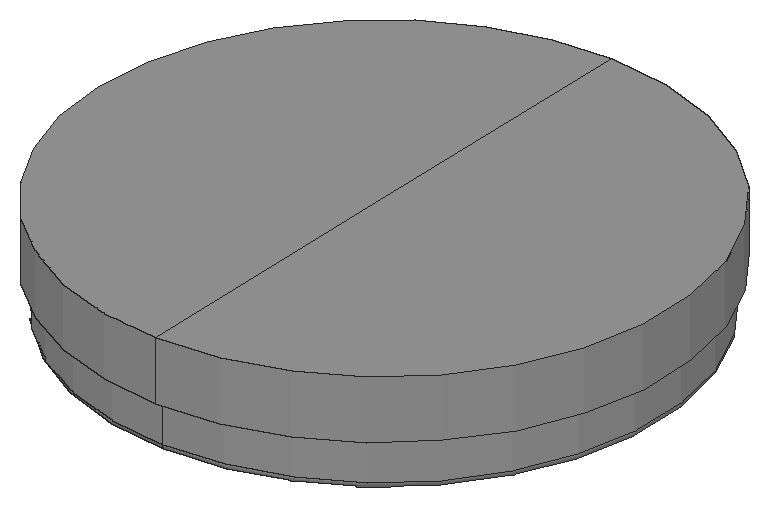
Revit family "IVLB_PML_LF_Dura 340mm CM_Plastic", category Lighting Fixtures, Revit 2019 (continued)
Types (4, lengths in mm): name | Wattage | Type Comments | built-in parameter 1150134 | Photometric Web File | built-in parameter 1150142 | built-in parameter 1150105 | Lumens | built-in parameter 1150107 | built-in parameter 1150106
  Dura-M Ø340 IP64 IK10 18W 2200K-2700K 2-CCT DALI | 11.7812 W | "DALI" | (empty or 0) | "Dura-M Ø340 IP64 IK10 18W 2200K-2700K 2-CCT DALI.ies" | "IESNA91\r\n[MANUFAC]  Pragmalux\r\n[LUMINAIRE] LED Plafonnière Wandarmatuur Dura-M Ø340 IP64 IK10 18W 2200K-2700K 2-CCT DALI\r\n[LAMP] 1x(LED 18W 1750lm 2200K) or 1x(LED 18W 2075lm 2700K)\r\n[_CHANGED] file converted from LDT by IES Viewer 3.6 (C) Andrey Legotin\r\nTILT=NONE\r\n1 1750 1.75 181 5 1 2 0 -0.34 0\r\n1 1 18\r\n0 1 2 3 4 5 6 7 8 9 10 11 12 13 14 15 16 17 18 19 20 21 22 23 24 25 26 27 28 \r\n29 30 31 32 33 34 35 36 37 38 39 40 41 42 43 44 45 46 47 48 49 50 51 52 53 54 \r\n55 56 57 58 59 60 61 62 63 64 65 66 67 68 69 70 71 72 73 74 75 76 77 78 79 80 \r\n81 82 83 84 85 86 87 88 89 90 91 92 93 94 95 96 97 98 99 100 101 102 103 104 \r\n105 106 107 108 109 110 111 112 113 114 115 116 117 118 119 120 121 122 123 \r\n124 125 126 127 128 129 130 131 132 133 134 135 136 137 138 139 140 141 142 \r\n143 144 145 146 147 148 149 150 151 152 153 154 155 156 157 158 159 160 161 \r\n162 163 164 165 166 167 168 169 170 171 172 173 174 175 176 177 178 179 180 \r\n0 22.5 45 67.5 90 \r\n295.3 295.4 295.3 295.4 295 294.6 294.2 293.8 293.1 292.5 291.9 290.9 290.1 \r\n289.3 288.2 287 285.8 284.4 283.1 281.6 279.9 278.4 276.5 274.8 272.9 270.8 \r\n268.7 266.6 264.4 261.9 259.5 257.1 254.4 251.8 249 246.2 243.4 240.3 237.3 \r\n234 230.9 227.5 224.2 220.7 217 213.5 209.8 206 202.3 198.3 194.4 190.3 186.3 \r\n182.2 178 173.9 169.7 165.2 160.9 156.3 151.7 147.1 142.5 137.8 133.1 128.3 \r\n123.5 118.6 113.7 108.9 104 99.09 94.31 89.38 84.54 79.78 74.96 70.21 65.64 \r\n60.99 56.65 52.24 47.94 43.84 39.72 35.8 32.33 29.23 26.57 24.14 20.8 17.18 \r\n13.52 9.69 6.07 3.08 1.19 0.46 0.42 0.5 1.38 2.92 5.29 7.96 10.6 13.13 15.25 \r\n16.85 17.87 18.13 18.09 18.13 18.01 17.84 17.63 17.39 17.18 16.97 16.8 16.59 \r\n16.43 16.18 15.96 15.76 15.47 15.26 15.01 14.76 14.47 14.18 13.96 13.72 13.47 \r\n13.18 12.92 12.6 12.3 11.97 11.76 11.47 11.17 10.84 10.51 10.18 9.8 9.51 9.14 \r\n8.8 8.46 8.1 7.59 6.92 6.13 5.47 5.09 4.84 4.71 4.71 4.75 4.71 4.27 3.85 3.42 \r\n3.09 2.84 2.63 2.38 2.09 1.8 1.51 1.3 1.29 1.25 1.25 1.29 1.17 1.09 1.04 1.04 \r\n1.04 1.04 \r\n295.3 295.4 295.3 295.2 295 294.7 294.2 293.7 293.2 292.4 291.8 291 290 289.2 \r\n288 287.1 285.7 284.5 283.1 281.5 280.1 278.4 276.6 274.8 272.9 271 268.9 \r\n266.7 264.4 262.1 259.7 257.2 254.6 251.8 249.1 246.2 243.3 240.4 237.3 234 \r\n230.9 227.6 224.2 220.8 217.2 213.6 210 206.2 202.5 198.5 194.6 190.4 186.3 \r\n182.3 178.1 173.9 169.8 165.5 160.9 156.5 152 147.3 142.7 138 133.3 128.4 \r\n123.6 118.8 114 109.1 104.1 99.29 94.45 89.59 84.83 79.91 75.24 70.49 65.87 \r\n61.37 56.89 52.6 48.27 44.1 39.95 35.98 32.51 29.4 26.59 24.2 21.15 17.65 \r\n13.91 9.8 5.92 2.9 1.05 1.11 1.16 1.22 1.27 1.32 3 5.08 7.32 9.66 11.71 13.19 \r\n13.85 14.01 14.06 14.06 14.06 14.07 14.07 14.07 14.08 14.08 14.08 14.09 14.09 \r\n14.09 14.1 14.1 13.93 13.81 13.68 13.47 13.31 13.09 12.89 12.72 12.55 12.34 \r\n12.1 11.89 11.63 11.35 11.13 10.84 10.59 10.34 10.09 9.8 9.54 9.25 9 8.66 \r\n8.34 7.84 7.16 6.42 5.82 5.49 5.23 5.06 5.1 5.06 5.06 4.7 4.35 4.07 3.81 3.52 \r\n3.27 3.1 2.89 2.68 2.35 2.02 1.88 1.88 1.63 1.22 1.01 1 1 1 1 1 1 \r\n295.3 295.4 295.4 295.2 294.9 294.7 294.3 293.7 293.1 292.5 291.7 291 290 \r\n289.2 288.2 287 285.8 284.6 283.2 281.6 280 278.6 276.7 274.9 272.9 271 269 \r\n266.7 264.5 262.1 259.7 257.3 254.7 251.9 249.3 246.4 243.4 240.5 237.2 234.4 \r\n230.9 227.7 224.4 220.9 217.2 213.8 210 206.2 202.5 198.5 194.7 190.5 186.5 \r\n182.5 178.3 174.2 170 165.6 161.2 156.6 152.1 147.4 142.9 138.1 133.3 128.7 \r\n123.7 119.1 114.1 109.2 104.2 99.53 94.64 89.68 84.85 80 75.35 70.57 65.93 \r\n61.38 56.9 52.6 48.21 44.08 39.87 35.82 32.26 29 26.12 23.53 21.1 17.5 12.56 \r\n7.11 2.92 0.97 0.75 1.99 3.1 3.87 4.59 5.12 5.47 5.89 6.09 6.18 6.18 6.22 \r\n6.35 6.56 6.76 7.06 7.3 7.56 7.73 7.97 8.06 8.19 8.35 8.52 8.59 8.65 8.72 \r\n8.79 8.85 8.94 8.98 8.96 8.93 8.91 8.88 8.86 8.83 8.81 8.78 8.76 8.73 8.61 \r\n8.48 8.36 8.27 8.07 7.9 7.65 7.19 6.69 6.24 6.06 5.89 5.81 5.75 5.69 5.62 \r\n5.56 5.5 5.44 5.1 4.8 4.52 4.18 3.93 3.72 3.51 3.31 3.1 2.93 2.72 2.55 2.46 \r\n2.26 2.01 1.84 1.76 1.46 1.09 0.96 0.96 0.96 0.96 0.96 0.96 \r\n295.3 295.2 295.3 295.3 295 294.6 294.2 293.8 293.1 292.5 291.7 291 290.2 \r\n289.3 288.2 287.1 286 284.5 283.2 281.7 280.1 278.4 276.9 274.8 273 271 269 \r\n266.7 264.5 262.1 259.6 257.2 254.4 252 249.1 246.5 243.4 240.4 237.2 234 \r\n230.9 227.5 224.2 220.8 217.1 213.6 209.8 206.2 202.4 198.5 194.5 190.4 186.4 \r\n182.4 178.1 174 169.7 165.4 160.8 156.5 151.8 147.2 142.6 137.8 133.1 128.2 \r\n123.5 118.7 113.8 108.9 104 99.22 94.3 89.47 84.57 79.7 75 70.21 65.64 60.97 \r\n56.57 52.14 47.89 43.7 39.52 35.49 31.7 28.35 25.42 22.82 20.35 15.44 6.69 \r\n0.88 0.55 2.56 7.37 9.33 9.48 8.91 8.12 7.38 6.75 6.24 5.78 5.41 5.08 4.75 \r\n4.45 4.16 3.95 3.71 3.54 3.45 3.45 3.48 3.52 3.55 3.58 3.62 3.83 3.95 4.07 \r\n4.28 4.45 4.61 4.7 4.78 4.8 4.81 4.83 4.85 4.86 4.88 4.89 4.91 4.93 4.94 5.24 \r\n5.32 5.26 5.19 5.12 5.06 4.99 4.92 4.86 4.79 4.2 3.75 3.66 3.54 3.37 3.36 \r\n3.35 3.34 3.32 3.31 3.3 3.29 3.16 3 2.95 2.83 2.75 2.66 2.5 2.29 2.04 1.88 \r\n1.71 1.5 1.25 1.05 0.96 0.96 0.96 0.96 0.96 0.96 0.96 \r\n295.3 295.3 295.3 295.3 295 294.7 294.3 293.8 293.2 292.4 291.9 291.2 290.2 \r\n289.3 288.1 287.1 285.9 284.5 283.3 281.8 280.2 278.5 276.7 275 273.1 270.9 \r\n269.1 266.7 264.4 262.2 259.7 257.2 254.6 252 249.2 246.4 243.5 240.4 237.3 \r\n234.3 230.9 227.6 224.2 220.7 217.3 213.6 209.8 206.2 202.4 198.4 194.6 190.5 \r\n186.4 182.3 178.2 174.1 169.7 165.3 160.9 156.4 151.8 147.1 142.6 137.9 133 \r\n128.3 123.5 118.6 113.7 108.8 103.8 99.12 94.1 89.24 84.33 79.46 74.78 69.96 \r\n65.23 60.72 56.28 51.92 47.53 43.29 39.16 35.11 31.37 28 25.06 22.51 20.37 \r\n15.14 5.53 0.55 0.46 2.14 9.15 12.35 11.89 11.06 10.21 9.36 8.52 7.75 7.04 \r\n6.4 5.75 5.16 4.55 3.96 3.41 2.91 2.46 2.04 1.59 1.33 1.29 1.21 1.04 0.96 \r\n0.92 0.87 0.83 0.79 0.75 0.79 1.2 1.57 1.79 1.95 1.99 2 2.04 2.08 2.33 2.53 \r\n2.49 2.45 2.41 2.37 2.33 1.88 1.3 1.16 1.16 1.45 1.9 2.48 2.74 2.72 2.7 2.68 \r\n2.66 2.64 2.62 2.54 2.41 2.33 2.21 2.04 1.87 1.79 1.67 1.58 1.5 1.33 1.29 \r\n1.17 1.12 1.12 1.04 1.08 1.04 1 1 0.96 0.96 0.96 0.96 0.96 0.96 \r\n" | 139.26 (stored number, unit not read) | 1750 lm | 2700 (stored number, unit not read) | 1.3926 (stored number, unit not read)
  Dura-M Ø340 IP64 IK10 18W 3000K-3500K-4000K 3-CCT DALI | 14.8106 W | "DALI" | 12 | "Dura-M Ø340 IP64 IK10 18W 3000K-3500K-4000K 3-CCT DALI.ies" | "IESNA91\r\n[MANUFAC]  Pragmalux\r\n[LUMINAIRE] LED Plafonnière Wandarmatuur Dura-M Ø340 IP64 IK10 18W 3000K-3500K-4000K 3-CCT DALI\r\n[LAMP] 1x(LED 18W 2200lm 3000K) or 1x(LED 18W 2300lm 3500K) or 1x(LED 18W 2300lm 4000K)\r\n[_CHANGED] file converted from LDT by IES Viewer 3.6 (C) Andrey Legotin\r\nTILT=NONE\r\n1 2200 2.2 181 5 1 2 0 -0.34 0\r\n1 1 18\r\n0 1 2 3 4 5 6 7 8 9 10 11 12 13 14 15 16 17 18 19 20 21 22 23 24 25 26 27 28 \r\n29 30 31 32 33 34 35 36 37 38 39 40 41 42 43 44 45 46 47 48 49 50 51 52 53 54 \r\n55 56 57 58 59 60 61 62 63 64 65 66 67 68 69 70 71 72 73 74 75 76 77 78 79 80 \r\n81 82 83 84 85 86 87 88 89 90 91 92 93 94 95 96 97 98 99 100 101 102 103 104 \r\n105 106 107 108 109 110 111 112 113 114 115 116 117 118 119 120 121 122 123 \r\n124 125 126 127 128 129 130 131 132 133 134 135 136 137 138 139 140 141 142 \r\n143 144 145 146 147 148 149 150 151 152 153 154 155 156 157 158 159 160 161 \r\n162 163 164 165 166 167 168 169 170 171 172 173 174 175 176 177 178 179 180 \r\n0 22.5 45 67.5 90 \r\n295.3 295.4 295.3 295.4 295 294.6 294.2 293.8 293.1 292.5 291.9 290.9 290.1 \r\n289.3 288.2 287 285.8 284.4 283.1 281.6 279.9 278.4 276.5 274.8 272.9 270.8 \r\n268.7 266.6 264.4 261.9 259.5 257.1 254.4 251.8 249 246.2 243.4 240.3 237.3 \r\n234 230.9 227.5 224.2 220.7 217 213.5 209.8 206 202.3 198.3 194.4 190.3 186.3 \r\n182.2 178 173.9 169.7 165.2 160.9 156.3 151.7 147.1 142.5 137.8 133.1 128.3 \r\n123.5 118.6 113.7 108.9 104 99.09 94.31 89.38 84.54 79.78 74.96 70.21 65.64 \r\n60.99 56.65 52.24 47.94 43.84 39.72 35.8 32.33 29.23 26.57 24.14 20.8 17.18 \r\n13.52 9.69 6.07 3.08 1.19 0.46 0.42 0.5 1.38 2.92 5.29 7.96 10.6 13.13 15.25 \r\n16.85 17.87 18.13 18.09 18.13 18.01 17.84 17.63 17.39 17.18 16.97 16.8 16.59 \r\n16.43 16.18 15.96 15.76 15.47 15.26 15.01 14.76 14.47 14.18 13.96 13.72 13.47 \r\n13.18 12.92 12.6 12.3 11.97 11.76 11.47 11.17 10.84 10.51 10.18 9.8 9.51 9.14 \r\n8.8 8.46 8.1 7.59 6.92 6.13 5.47 5.09 4.84 4.71 4.71 4.75 4.71 4.27 3.85 3.42 \r\n3.09 2.84 2.63 2.38 2.09 1.8 1.51 1.3 1.29 1.25 1.25 1.29 1.17 1.09 1.04 1.04 \r\n1.04 1.04 \r\n295.3 295.4 295.3 295.2 295 294.7 294.2 293.7 293.2 292.4 291.8 291 290 289.2 \r\n288 287.1 285.7 284.5 283.1 281.5 280.1 278.4 276.6 274.8 272.9 271 268.9 \r\n266.7 264.4 262.1 259.7 257.2 254.6 251.8 249.1 246.2 243.3 240.4 237.3 234 \r\n230.9 227.6 224.2 220.8 217.2 213.6 210 206.2 202.5 198.5 194.6 190.4 186.3 \r\n182.3 178.1 173.9 169.8 165.5 160.9 156.5 152 147.3 142.7 138 133.3 128.4 \r\n123.6 118.8 114 109.1 104.1 99.29 94.45 89.59 84.83 79.91 75.24 70.49 65.87 \r\n61.37 56.89 52.6 48.27 44.1 39.95 35.98 32.51 29.4 26.59 24.2 21.15 17.65 \r\n13.91 9.8 5.92 2.9 1.05 1.11 1.16 1.22 1.27 1.32 3 5.08 7.32 9.66 11.71 13.19 \r\n13.85 14.01 14.06 14.06 14.06 14.07 14.07 14.07 14.08 14.08 14.08 14.09 14.09 \r\n14.09 14.1 14.1 13.93 13.81 13.68 13.47 13.31 13.09 12.89 12.72 12.55 12.34 \r\n12.1 11.89 11.63 11.35 11.13 10.84 10.59 10.34 10.09 9.8 9.54 9.25 9 8.66 \r\n8.34 7.84 7.16 6.42 5.82 5.49 5.23 5.06 5.1 5.06 5.06 4.7 4.35 4.07 3.81 3.52 \r\n3.27 3.1 2.89 2.68 2.35 2.02 1.88 1.88 1.63 1.22 1.01 1 1 1 1 1 1 \r\n295.3 295.4 295.4 295.2 294.9 294.7 294.3 293.7 293.1 292.5 291.7 291 290 \r\n289.2 288.2 287 285.8 284.6 283.2 281.6 280 278.6 276.7 274.9 272.9 271 269 \r\n266.7 264.5 262.1 259.7 257.3 254.7 251.9 249.3 246.4 243.4 240.5 237.2 234.4 \r\n230.9 227.7 224.4 220.9 217.2 213.8 210 206.2 202.5 198.5 194.7 190.5 186.5 \r\n182.5 178.3 174.2 170 165.6 161.2 156.6 152.1 147.4 142.9 138.1 133.3 128.7 \r\n123.7 119.1 114.1 109.2 104.2 99.53 94.64 89.68 84.85 80 75.35 70.57 65.93 \r\n61.38 56.9 52.6 48.21 44.08 39.87 35.82 32.26 29 26.12 23.53 21.1 17.5 12.56 \r\n7.11 2.92 0.97 0.75 1.99 3.1 3.87 4.59 5.12 5.47 5.89 6.09 6.18 6.18 6.22 \r\n6.35 6.56 6.76 7.06 7.3 7.56 7.73 7.97 8.06 8.19 8.35 8.52 8.59 8.65 8.72 \r\n8.79 8.85 8.94 8.98 8.96 8.93 8.91 8.88 8.86 8.83 8.81 8.78 8.76 8.73 8.61 \r\n8.48 8.36 8.27 8.07 7.9 7.65 7.19 6.69 6.24 6.06 5.89 5.81 5.75 5.69 5.62 \r\n5.56 5.5 5.44 5.1 4.8 4.52 4.18 3.93 3.72 3.51 3.31 3.1 2.93 2.72 2.55 2.46 \r\n2.26 2.01 1.84 1.76 1.46 1.09 0.96 0.96 0.96 0.96 0.96 0.96 \r\n295.3 295.2 295.3 295.3 295 294.6 294.2 293.8 293.1 292.5 291.7 291 290.2 \r\n289.3 288.2 287.1 286 284.5 283.2 281.7 280.1 278.4 276.9 274.8 273 271 269 \r\n266.7 264.5 262.1 259.6 257.2 254.4 252 249.1 246.5 243.4 240.4 237.2 234 \r\n230.9 227.5 224.2 220.8 217.1 213.6 209.8 206.2 202.4 198.5 194.5 190.4 186.4 \r\n182.4 178.1 174 169.7 165.4 160.8 156.5 151.8 147.2 142.6 137.8 133.1 128.2 \r\n123.5 118.7 113.8 108.9 104 99.22 94.3 89.47 84.57 79.7 75 70.21 65.64 60.97 \r\n56.57 52.14 47.89 43.7 39.52 35.49 31.7 28.35 25.42 22.82 20.35 15.44 6.69 \r\n0.88 0.55 2.56 7.37 9.33 9.48 8.91 8.12 7.38 6.75 6.24 5.78 5.41 5.08 4.75 \r\n4.45 4.16 3.95 3.71 3.54 3.45 3.45 3.48 3.52 3.55 3.58 3.62 3.83 3.95 4.07 \r\n4.28 4.45 4.61 4.7 4.78 4.8 4.81 4.83 4.85 4.86 4.88 4.89 4.91 4.93 4.94 5.24 \r\n5.32 5.26 5.19 5.12 5.06 4.99 4.92 4.86 4.79 4.2 3.75 3.66 3.54 3.37 3.36 \r\n3.35 3.34 3.32 3.31 3.3 3.29 3.16 3 2.95 2.83 2.75 2.66 2.5 2.29 2.04 1.88 \r\n1.71 1.5 1.25 1.05 0.96 0.96 0.96 0.96 0.96 0.96 0.96 \r\n295.3 295.3 295.3 295.3 295 294.7 294.3 293.8 293.2 292.4 291.9 291.2 290.2 \r\n289.3 288.1 287.1 285.9 284.5 283.3 281.8 280.2 278.5 276.7 275 273.1 270.9 \r\n269.1 266.7 264.4 262.2 259.7 257.2 254.6 252 249.2 246.4 243.5 240.4 237.3 \r\n234.3 230.9 227.6 224.2 220.7 217.3 213.6 209.8 206.2 202.4 198.4 194.6 190.5 \r\n186.4 182.3 178.2 174.1 169.7 165.3 160.9 156.4 151.8 147.1 142.6 137.9 133 \r\n128.3 123.5 118.6 113.7 108.8 103.8 99.12 94.1 89.24 84.33 79.46 74.78 69.96 \r\n65.23 60.72 56.28 51.92 47.53 43.29 39.16 35.11 31.37 28 25.06 22.51 20.37 \r\n15.14 5.53 0.55 0.46 2.14 9.15 12.35 11.89 11.06 10.21 9.36 8.52 7.75 7.04 \r\n6.4 5.75 5.16 4.55 3.96 3.41 2.91 2.46 2.04 1.59 1.33 1.29 1.21 1.04 0.96 \r\n0.92 0.87 0.83 0.79 0.75 0.79 1.2 1.57 1.79 1.95 1.99 2 2.04 2.08 2.33 2.53 \r\n2.49 2.45 2.41 2.37 2.33 1.88 1.3 1.16 1.16 1.45 1.9 2.48 2.74 2.72 2.7 2.68 \r\n2.66 2.64 2.62 2.54 2.41 2.33 2.21 2.04 1.87 1.79 1.67 1.58 1.5 1.33 1.29 \r\n1.17 1.12 1.12 1.04 1.08 1.04 1 1 0.96 0.96 0.96 0.96 0.96 0.96 \r\n" | 175.07 (stored number, unit not read) | 2200 lm | 4000 (stored number, unit not read) | 1.7507 (stored number, unit not read)
